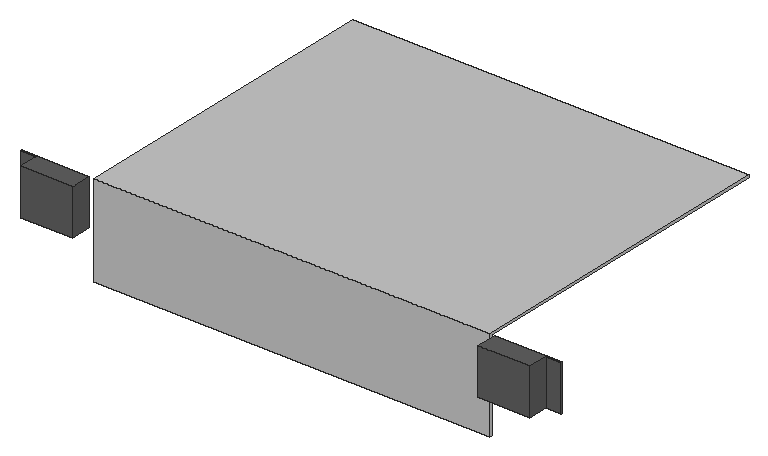
Revit family "HFC", category Specialty Equipment, host Floor, Revit 2015
Parameters (values of type "66.5")
  URL = "http://sercoentrematic.com/"
  Model = "HFC"
  Manufacturer = "Serco Entrematic"
  Description = "Hydraulic Leveler"
  LipExtension = 0' - 0"
  PitWidth = 6' - 7"
  PitLength = 5' - 3"
  PitDepthR = PitDepth - 0' 0 1/2"  # 1' - 7 1/2"
  PitDepth = 1' - 8"
  LipLength = 1' - 6"
  Curb = 0' - 3"
  Capacity = "30-50k"
Types (24): name | Model | LipExtension | PitWidth | PitLength | PitDepthR | PitDepth
  6 | "HFC" | 0' - 0" | 6' - 1" | 5' - 3" | 1' - 7 1/2" | 1' - 8"
  86 | "HFC" | 0' - 0" | 6' - 1" | 7' - 3" | 1' - 7 1/2" | 1' - 8"
  66.5 | "HFC" | 0' - 0" | 6' - 7" | 5' - 3" | 1' - 7 1/2" | 1' - 8"
  86.5 | "HFC" | 0' - 0" | 6' - 7" | 7' - 3" | 1' - 7 1/2" | 1' - 8"
  67 | "HFC" | 0' - 0" | 7' - 1" | 5' - 3" | 1' - 7 1/2" | 1' - 8"
  87 | "HFC" | 0' - 0" | 7' - 1" | 7' - 3" | 1' - 7 1/2" | 1' - 8"
  106 | "HFC" | 0' - 0" | 6' - 1" | 9' - 3" | 1' - 11 1/2" | 2' - 0"
  106.5 | "HFC" | 0' - 0" | 6' - 7" | 9' - 3" | 1' - 11 1/2" | 2' - 0"
  107 | "HFC" | 0' - 0" | 7' - 1" | 9' - 3" | 1' - 11 1/2" | 2' - 0"
  106 Barrier Lip | "HFC" | 0' - 5" | 6' - 1" | 9' - 3" | 1' - 11 1/2" | 2' - 0"
  106.5 Barrier Lip | "HFC" | 0' - 5" | 6' - 7" | 9' - 3" | 1' - 11 1/2" | 2' - 0"
  107 Barrier Lip | "HFC" | 0' - 5" | 7' - 1" | 9' - 3" | 1' - 11 1/2" | 2' - 0"
  6 Barrier Lip | "HFC" | 0' - 5" | 6' - 1" | 5' - 3" | 1' - 7 1/2" | 1' - 8"
  66.5 Barrier Lip | "HFC" | 0' - 5" | 6' - 7" | 5' - 3" | 1' - 7 1/2" | 1' - 8"
  67 Barrier Lip | "HFC" | 0' - 5" | 7' - 1" | 5' - 3" | 1' - 7 1/2" | 1' - 8"
  86 Barrier Lip | "HL" | 0' - 5" | 6' - 1" | 7' - 3" | 1' - 7 1/2" | 1' - 8"
  86.5 Barrier Lip | "HFC" | 0' - 5" | 6' - 7" | 7' - 3" | 1' - 7 1/2" | 1' - 8"
  87 Barrier Lip | "HFC" | 0' - 5" | 7' - 1" | 7' - 3" | 1' - 7 1/2" | 1' - 8"
  126 | "HFC" | 0' - 0" | 6' - 1" | 11' - 3" | 1' - 11 1/2" | 2' - 0"
  126 Barrier Lip | "HFC" | 0' - 5" | 6' - 1" | 11' - 3" | 1' - 11 1/2" | 2' - 0"
  126.5 | "HFC" | 0' - 0" | 6' - 7" | 11' - 3" | 1' - 11 1/2" | 2' - 0"
  126.5 Barrier Lip | "HFC" | 0' - 5" | 6' - 7" | 11' - 3" | 1' - 11 1/2" | 2' - 0"
  127 | "HFC" | 0' - 0" | 7' - 1" | 11' - 3" | 1' - 11 1/2" | 2' - 0"
  127 Barrier Lip | "HFC" | 0' - 5" | 7' - 1" | 11' - 3" | 1' - 11 1/2" | 2' - 0"
Reference planes (in)
  plane 1 "Center (Front/Back)": y = 0
  plane 2: z = 0
  plane 3 "Center (Left/Right)": x = 0
  plane 4 "Lip Width": y = -59.5
  plane 5 "pit right": x = 39.5
  plane 6 "Pit left": x = -39.5
  plane 7 "pit rear": y = 3
  plane 8 "curb angle left": x = -42.5
  plane 9: x = -38.5
  plane 10 "curb angle right": x = 42.5
  plane 11: x = 38.5
  plane 12 "curb angle rear": y = 6
  plane 13 "Curb angle - Front": y = -57
  plane 14 "Edge of Dock": y = -60
  plane 15: z = -0.5
  plane 16: z = -19.5
  plane 17: z = -20
  plane 18: y = -9
  plane 19: y = -48
  plane 20 "Lip Length": z = -18
  plane 21: x = 60.5
  plane 22: x = -60.5
  plane 23: z = -3
  plane 24: z = -23
  plane 25: z = 0
  plane 26: z = 0
  plane 27: z = -12
  plane 28: x = 14
  plane 29: x = -52.625
  plane 30: x = -49.625
  plane 31: y = -64
  plane 32: y = -60.25
  plane 33: x = 52.625
  plane 34: x = 49.625
  plane 35: z = -9
Forms (in)
  Extrusion 1, void
    sketch origin (0, 0, 0) x (0, 1, 0) y (0, 0, 1)
      loop
        line (3, 0) -> (-60, 0) -> (-60, -20) -> (-48, -20) -> (-9, -19.5) -> (3, -19.5) -> (3, 0)
    from -39.5 to 39.5
  Extrusion 2, solid, material "Serco Diamond"
    sketch origin (0, 0, 0) x (1, 0, 0) y (0, 1, 0)
      loop
        line (-38.5, 3) -> (-38.5, -60) -> (38.5, -60) -> (38.5, 3) -> (-38.5, 3)
    from -0.5 to 0
  Extrusion 3, solid, material "Serco Diamond"
    sketch origin (0, 0, 0) x (1, 0, 0) y (0, 0, 1)
      loop
        line (-38.5, 0) -> (-38.5, -18) -> (38.5, -18) -> (38.5, 0) -> (-38.5, 0)
    from 59.5 to 60
  Extrusion 4, solid, material "BUMPER"
    sketch origin (0, 0, 0) x (-1, 0, 0) y (0, -1, 0)
      loop
        line (39.5, 60) -> (52.625, 60) -> (52.625, 60.25) -> (49.625, 60.25) -> (49.625, 64) -> (39.5, 64) -> (39.5, 60)
      loop
        line (-39.5, 60) -> (-39.5, 64) -> (-49.625, 64) -> (-49.625, 60.25) -> (-52.625, 60.25) -> (-52.625, 60) -> (-39.5, 60)
    from -9 to 0
Cuts and joins
  joined: Extrusion 2, Extrusion 3
Lines and regions (in)
  model lines
    curve 1: line (-42.5, 6, 0) -> (42.5, 6, 0)
    curve 2: line (42.5, 6, 0) -> (42.5, 3, 0)
    curve 3: line (42.5, 3, 0) -> (-42.5, 3, 0)
    curve 4: line (-42.5, 3, 0) -> (-42.5, 6, 0)
    curve 5: line (-42.5, 3, 0) -> (-42.5, -57, 0)
    curve 6: line (-39.5, -57, 0) -> (-39.5, 3, 0)
    curve 7: line (-39.5, -57, 0) -> (-60.5, -57, 0)
    curve 8: line (-60.5, -57, 0) -> (-60.5, -60, 0)
    curve 9: line (-60.5, -60, 0) -> (-39.5, -60, 0)
    curve 10: line (42.5, 3, 0) -> (42.5, -57, 0)
    curve 11: line (39.5, -57, 0) -> (39.5, 3, 0)
    curve 12: line (39.5, -60, 0) -> (60.5, -60, 0)
    curve 13: line (60.5, -60, 0) -> (60.5, -57, 0)
    curve 14: line (60.5, -57, 0) -> (39.5, -57, 0)
    curve 15: line (-60.5, -60, 0) -> (-60.5, -60, -3)
    curve 16: line (-60.5, -60, -3) -> (-39.5, -60, -3)
    curve 17: line (-39.5, -60, -3) -> (-39.5, -60, 0)
    curve 18: line (-42.5, -60, -3) -> (-42.5, -60, -23)
    curve 19: line (-42.5, -60, -20) -> (-39.5, -60, -20)
    curve 20: line (-42.5, -60, -23) -> (42.5, -60, -23)
    curve 21: line (42.5, -60, -23) -> (42.5, -60, -3)
    curve 22: line (39.5, -60, -20) -> (42.5, -60, -20)
    curve 23: line (39.5, -60, -20) -> (39.5, -60, 0)
    curve 24: line (39.5, -60, -3) -> (60.5, -60, -3)
    curve 25: line (60.5, -60, -3) -> (60.5, -60, 0)
    curve 26: line (-39.5, -60, -3) -> (-39.5, -60, -20)
    curve 27: line (-39.5, -60, -20) -> (39.5, -60, -20)
    curve 28: line (-39.5, -57, 0) -> (-39.5, -60, 0)
    curve 29: line (39.5, -57, 0) -> (39.5, -60, 0)
Dimensions and locks (in)
  equal spacing: host sketch curve, plane 1 "Center (Front/Back)", host sketch curve
  equal spacing: host sketch curve, plane 3 "Center (Left/Right)", host sketch curve
  host sketch curve to host sketch curve = 10' - 0"  (x2)
  equal spacing: plane 6 "Pit left", plane 3 "Center (Left/Right)", plane 5 "pit right"
  "PitWidth": plane 6 "Pit left" to plane 5 "pit right"
  "PitLength": plane 14 "Edge of Dock" to plane 7 "pit rear"
  "Curb": plane 8 "curb angle left" to plane 6 "Pit left"
  locked: plane 6 "Pit left" to plane 9 at 1
  locked: plane 11 to plane 5 "pit right" at 1
  "Curb": plane 5 "pit right" to plane 10 "curb angle right"
  "Curb": plane 7 "pit rear" to plane 12 "curb angle rear"
  "Curb": plane 14 "Edge of Dock" to plane 13 "Curb angle - Front"
  "PitDepthR": level to plane 16
  "PitDepth": level to plane 17
  locked: plane 7 "pit rear" to plane 18 at 12
  locked: plane 19 to plane 14 "Edge of Dock" at 12
  "LipLength": level to plane 20 "Lip Length"
  locked: plane 22 to plane 6 "Pit left" at 21
  locked: plane 5 "pit right" to plane 21 at 21
  "LipExtension": plane 26 to level
  locked: plane 24 to plane 17 at 3
  locked: level to plane 15 at 0.5
  locked: plane 14 "Edge of Dock" to plane 4 "Lip Width" at 0.5
  locked: plane 3 "Center (Left/Right)" to plane 28 at 14
  locked: level to plane 27 at 12
  locked: connector elem to plane 7 "pit rear" at 9
  locked: plane 16 to connector elem at 5
  locked: plane 32 to curve 9 at 0.25
  locked: plane 31 to curve 9 at 4
  locked: plane 30 to plane 6 "Pit left" at 10.125
  locked: plane 29 to plane 6 "Pit left" at 13.125
  locked: level to plane 35 at 9
  aligned and locked: level to plane 2
  aligned and locked: plane 14 "Edge of Dock" to host floor
  aligned and locked: plane 19 to Extrusion 1 sketch curve
  aligned and locked: plane 16 to Extrusion 1 sketch curve
  aligned and locked: Extrusion 1 sketch curve to plane 18
  aligned and locked: plane 17 to Extrusion 1 sketch curve
  aligned and locked: Extrusion 1 sketch curve to plane 14 "Edge of Dock"
  aligned and locked: Extrusion 1 to plane 6 "Pit left"
  aligned and locked: Extrusion 1 to plane 5 "pit right"
  aligned and locked: plane 7 "pit rear" to Extrusion 2 sketch curve
  aligned and locked: Extrusion 2 sketch curve to plane 9
  aligned and locked: Extrusion 2 sketch curve to plane 14 "Edge of Dock"
  aligned and locked: Extrusion 2 to plane 15
  aligned and locked: level to Extrusion 2
  aligned and locked: Extrusion 3 sketch curve to Extrusion 2
  aligned and locked: plane 20 "Lip Length" to Extrusion 3 sketch curve
  aligned and locked: Extrusion 3 sketch curve to plane 11
  aligned and locked: Extrusion 3 to plane 14 "Edge of Dock"
  aligned and locked: Extrusion 3 to plane 4 "Lip Width"
  aligned and locked: Extrusion 2 sketch curve to plane 11
  aligned and locked: curve 7 to plane 13 "Curb angle - Front"
  aligned and locked: curve 8 to plane 22
  aligned and locked: curve 5 to plane 8 "curb angle left"
  aligned and locked: plane 6 "Pit left" to curve 6
  aligned and locked: curve 3 to plane 7 "pit rear"
  aligned and locked: plane 12 "curb angle rear" to curve 1
  aligned and locked: curve 2 to plane 10 "curb angle right"
  aligned and locked: plane 5 "pit right" to curve 11
  aligned and locked: curve 10 to plane 10 "curb angle right"
  aligned and locked: curve 14 to plane 13 "Curb angle - Front"
  aligned and locked: plane 14 "Edge of Dock" to curve 12
  aligned and locked: curve 13 to plane 21
  aligned and locked: plane 24 to curve 18
  aligned and locked: curve 16 to plane 23
  aligned and locked: curve 15 to plane 22
  aligned and locked: plane 6 "Pit left" to curve 17
  aligned and locked: curve 22 to plane 5 "pit right"
  aligned and locked: curve 21 to plane 10 "curb angle right"
  aligned and locked: curve 22 to plane 17
  aligned and locked: curve 25 to plane 21
  aligned and locked: curve 19 to curve 27
  aligned and locked: curve 9 to plane 14 "Edge of Dock"
  aligned and locked: plane 26 to Extrusion 3 sketch curve
  aligned and locked: plane 23 to curve 24
  aligned and locked: plane 24 to curve 20
  aligned and locked: cut or joined group of Extrusion 2, Extrusion 3 to plane 7 "pit rear"  (x9)
  aligned and locked: Extrusion 4 sketch curve to plane 6 "Pit left"
  aligned and locked: Extrusion 4 sketch curve to plane 30
  aligned and locked: Extrusion 4 sketch curve to plane 29
  aligned and locked: plane 32 to Extrusion 4 sketch curve
  aligned and locked: plane 31 to Extrusion 4 sketch curve
  aligned and locked: plane 34 to Extrusion 4 sketch curve
  aligned and locked: Extrusion 4 sketch curve to plane 33
  aligned and locked: Extrusion 4 sketch curve to plane 5 "pit right"
  aligned and locked: Extrusion 4 sketch curve to plane 31
  aligned and locked: Extrusion 4 sketch curve to curve 12
  aligned and locked: Extrusion 4 sketch curve to plane 32
  aligned and locked: Extrusion 4 sketch curve to curve 9
  aligned and locked: plane 35 to Extrusion 4
  aligned and locked: level to Extrusion 4
Automatic sketch dimensions
  Extrusion 1 sketch curve to level = 0' - 0"
  Extrusion 1 sketch curve to plane 7 "pit rear" = 0' - 0"
  plane 8 "curb angle left" to curve 20 = 0' - 0"
  curve 25 to level = 0' - 0"
  plane 21 to curve 25 = 0' - 0"
  curve 27 to plane 17 = 0' - 0"
  curve 16 to plane 23 = 0' - 0"
  curve 23 to level = 0' - 0"
  curve 17 to level = 0' - 0"
  curve 15 to level = 0' - 0"
Connectors (in)
  electrical at (39.5, -6, -14.5)
    settings: on plane 5 "pit right", index 1, voltage 120 V, apparent load 0 VA, apparent load phase1 0 VA, apparent load phase2 0 VA, apparent load phase3 0 VA, power factor 1, load classification "Other", number of poles 1, system type 31, power factor state 1, is connector primary yes, connector utility no, sub classification motor no, connector description ""
